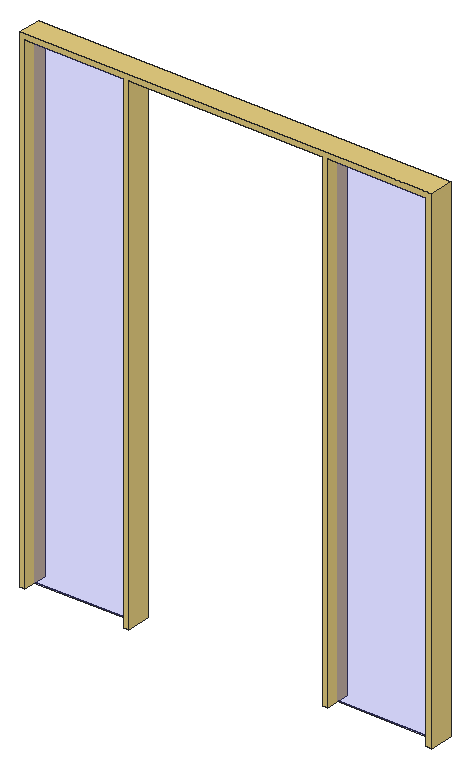
Revit family "DAL-A3-FE1745P", category Doors, host Wall, Revit 2016
Family settings
  Host = Wall
  Always vertical = Yes
  Cut with Voids When Loaded = No
  Shared = No
  Room Calculation Point = No
Parameters (values of type "Frame")
  Height = 2107 mm
  Wall Closure = By host
  Width = 1745 mm
  Glass Thickness = 8 mm
  Glass Material = Glass
  Function = Interior
  Frame Thickness = 102 mm
  Frame Material = Meranti Wood
  Frame Depth = 22.5 mm
Reference planes
  plane 1 "Wall Center": y = 0
  plane 2 "Center (Left/Right)": x = 0
  plane 3 "Left": x = -872.5
  plane 4 "Right": x = 872.5
  plane 5: z = 2107
  plane 6 "Exterior": y = 75
  plane 7 "Interior": y = -75
  plane 8: x = 410
  plane 9: z = 702.333
  plane 10: z = 1404.667
  plane 11: x = -850
  plane 12: x = 850
  plane 13: x = -410
Forms (mm)
  Sweep 1, solid, material "Meranti Wood" <- "Frame Material"
    path origin (0, 0, 0) x (1, 0, 0) y (0, 0, 1)
      loop
        line (872.5, 0) -> (872.5, 2107) -> (-872.5, 2107) -> (-872.5, 0)
    profile origin (0, 0, 2107) x (0, 0, -1) y (0, -1, 0)
      loop
        line (0, -51) -> (22.5, -51) -> (22.5, 51) -> (0, 51) -> (0, -51)
  Sweep 2, solid, material "Meranti Wood" <- "Frame Material"
    path origin (0, 0, 0) x (1, 0, 0) y (0, 0, 1)
      loop
        line (410, 0) -> (410, 2107)
    profile origin (410, 0, 1053.5) x (-1, 0, 0) y (0, -1, 0)
      loop
        line (0, -51) -> (0, 51) -> (-22.5, 51) -> (-22.5, -51) -> (0, -51)
  Extrusion 3, solid, material "Glass" <- "Glass Material"
    sketch origin (0, 0, 0) x (1, 0, 0) y (0, 1, 0)
      loop
        line (432.5, 4) -> (432.5, -4) -> (850, -4) -> (850, 4) -> (432.5, 4)
    from 0 to 2084.5
  Sweep 4, solid, material "Meranti Wood" <- "Frame Material"
    path origin (0, 0, 0) x (-1, 0, 0) y (0, 0, 1)
      loop
        line (410, 0) -> (410, 2107)
    profile origin (-410, 0, 1053.5) x (1, 0, 0) y (0, 1, 0)
      loop
        line (0, 51) -> (-22.5, 51) -> (-22.5, -51) -> (0, -51) -> (0, 51)
  Extrusion 5, solid, material "Glass" <- "Glass Material"
    sketch origin (-820, 0, 0) x (1, 0, 0) y (0, 1, 0)
      loop
        line (-30, 4) -> (-30, -4) -> (387.5, -4) -> (387.5, 4) -> (-30, 4)
    from 0 to 2084.5
Cuts and joins
  joined: Sweep 1, Sweep 2, Sweep 4
Lines and regions (mm)
  Opening 1
    outline origin (-3050, -75, 0) x (1, 0, 0) y (0, 0, 1)
      loop
        line (2177.5, 0) -> (3922.5, 0) -> (3922.5, 2107) -> (2177.5, 2107) -> (2177.5, 0)
Text (mm)
  text "Exterior" at (-2295.016, 1099.543, 0), in view "Ref. Level"
  text "Exterior" at (0, 1615.38, 3698.081), in view "Left"
  text "Exterior" at (0, 1036.032, 3874.932), in view "Right"
Dimensions and locks
  equal spacing: plane 3 "Left", plane 2 "Center (Left/Right)", plane 4 "Right"
  "Width": plane 3 "Left" to plane 4 "Right"
  "Height": plane 5 to host wall
  equal spacing: host wall, plane 9, plane 10, plane 5
  locked: plane 6 "Exterior" to host wall at 0
  locked: plane 7 "Interior" to host wall
  "Frame Depth": Sweep 1 sketch curve to Sweep 1 sketch curve
  equal spacing: Sweep 1 sketch curve, profile plane, Sweep 1 sketch curve
  "Frame Thickness": Sweep 1 sketch curve to Sweep 1 sketch curve
  "Frame Depth": Sweep 2 sketch curve to Sweep 2 sketch curve
  equal spacing: Extrusion 3 sketch curve, host wall, Extrusion 3 sketch curve
  "Glass Thickness": Extrusion 3 sketch curve to Extrusion 3 sketch curve
  "Frame Depth": plane 3 "Left" to plane 11
  "Frame Depth": Sweep 4 sketch curve to Sweep 4 sketch curve
  "Glass Thickness": Extrusion 5 sketch curve to Extrusion 5 sketch curve
  "Frame Depth": plane 4 "Right" to plane 12
  equal spacing: plane 13, plane 2 "Center (Left/Right)", plane 8
  locked: plane 13 to plane 8 at 820
  aligned and locked: plane 3 "Left" to Opening 1 sketch curve
  aligned and locked: plane 5 to Opening 1 sketch curve  (x2)
  aligned and locked: Opening 1 sketch curve to plane 4 "Right"
  aligned and locked: Opening 1 sketch curve to level
  aligned and locked: plane 1 "Wall Center" to host wall
  aligned and locked: plane 5 to Sweep 1 sketch curve
  aligned and locked: Sweep 1 sketch curve to plane 4 "Right"
  aligned and locked: Sweep 1 sketch curve to plane 3 "Left"
  aligned and locked: level to Sweep 1 sketch curve  (x2)
  aligned and locked: Sweep 1 sketch curve to profile plane
  aligned and locked: plane 5 to Sweep 2 sketch curve
  aligned and locked: level to Sweep 2 sketch curve
  aligned and locked: plane 8 to Sweep 2 sketch curve
  aligned and locked: Sweep 2 sketch curve to plane 8
  aligned and locked: Sweep 2 sketch curve to Sweep 1  (x2)
  aligned and locked: plane 5 to Sweep 4 sketch curve
  aligned and locked: level to Sweep 4 sketch curve
  aligned and locked: Sweep 4 sketch curve to plane 13
  aligned and locked: cut or joined group of Sweep 1, Sweep 2, Sweep 4 to Extrusion 5 sketch curve  (x2)
  aligned and locked: Extrusion 5 sketch curve to Extrusion 3
  aligned and locked: Extrusion 5 to level
  aligned and locked: Extrusion 3 to level
  aligned and locked: cut or joined group of Sweep 1, Sweep 2, Sweep 4 to Extrusion 3 sketch curve
  aligned and locked: cut or joined group of Sweep 1, Sweep 2, Sweep 4 to Extrusion 3
  aligned and locked: Extrusion 5 to cut or joined group of Sweep 1, Sweep 2, Sweep 4
Automatic sketch dimensions
  Sweep 4 sketch curve to profile plane = 0 mm
  Extrusion 3 sketch curve to plane 12 = 0 mm
  plane 1 "Wall Center" to Sweep 4 sketch curve = 51 mm
  Sweep 4 sketch curve to plane 1 "Wall Center" = 51 mm
